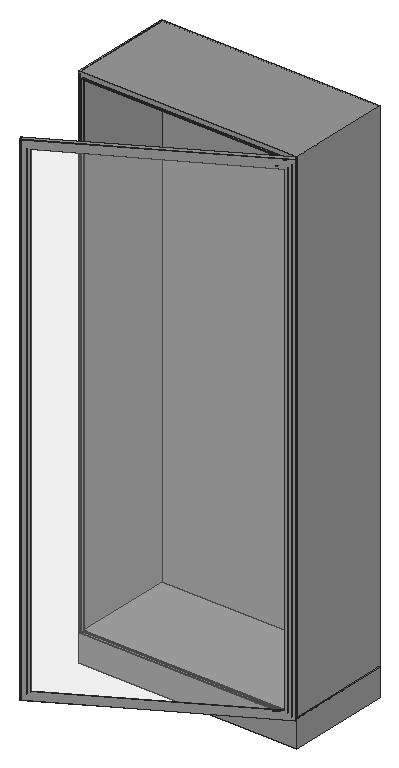
Revit family "Hager-Univers-IP55-D400-H1950-Cl.I-Steel_encl-NoHosted-PL-pl", category Electrical Equipment, Revit 2020
Family settings
  Panel Configuration = Two Columns, Circuits Across
  Round Connector Dimension = Use Diameter
  Part Type = Panelboard
  Work Plane-Based = Yes
  Always vertical = Yes
  Cut with Voids When Loaded = No
  Shared = No
  Room Calculation Point = No
Parameters (values of type "Montaż podłogowy IP55 S800 W1950 G400  - FR23V1")
  Width Control [instance] = if([EF000008 - Szerokość] > Min Width, [EF000008 - Szerokość], Min Width)  # 800 mm
  Type Comments = [HG000003 - Zakres]  # "Univers"
  Thickness Door [instance] = if([EF009171 - Drzwi/pokrywa z materiału o wysokiej wytrzymałości mechanicznej] > 3 mm, 3 mm, [EF009171 - Drzwi/pokrywa z materiału o wysokiej wytrzymałości mechanicznej])  # 1.5 mm
  Seal Frame Offset [instance] = 17 mm  # constant formula
  Plinth Visibility [instance] = [HG000027 - Wysokość cokołu] > 0 mm  # yes
  Min Width [instance] = 100 mm  # constant formula
  Min Depth [instance] = (2 * [EF009170 - Obudowa z materiału o wysokiej wytrzymałości mechanicznej]) + 1 mm  # 4 mm
  Min Height [instance] = 100 mm  # constant formula
  Internal Frame Depth [instance] = (Door System Depth * 0.5)  # 9 mm
  Panel Name [instance] = ""  # (empty or 0)
  Model = ""
  HG000027 - Wysokość cokołu = 100 mm
  HG000026 - Stojąca = yes
  HG000024 - Wysokość części dolnej = 600 mm
  HG000023 - Obudowa dwusekcyjna = no
  HG000016 - Widoczność drzwi w widoku 3D [instance] = yes
  HG000015 - Przestrzeń robocza - otwarcie drzwi [instance] = no
  HG000014 - Drzwi prawe [instance] = yes
  HG000013 - Drzwi lewe [instance] = not([HG000014 - Drzwi prawe])  # no
  HG000012 - Kąt otwarcia drzwi [instance] = 30.00°
  HG000010 - Drzwi asymetryczne = no
  HG000009 - Drzwi dwuskrzydłowe = no
  HG000006 - Montaż podtynkowy = no
  HG000004 - Referencja producenta = "FR23V1"
  HG000003 - Zakres = "Univers"
  HG000002 - Z drzwiami lub pokrywą = yes
  Frame Offset Bottom [instance] = 10 mm  # constant formula
  Frame Offset [instance] = 15 mm  # constant formula
  EF015940 - Pokrywa z wyzwalaczem nadciśnieniowym = no
  EF011959 - Stopień ochrony (NEMA) = ""
  EF009554 - Liczba otworów pod flansze = 6
  EF009212 - Wykonanie pokrywy = "EV000116 - Zamknięty"
  EF009171 - Drzwi/pokrywa z materiału o wysokiej wytrzymałości mechanicznej = 1.5 mm
  EF009170 - Obudowa z materiału o wysokiej wytrzymałości mechanicznej = 1.5 mm
  EF008873 - Prąd znamionowy (In) = 800 A
  EF007800 - Do ochrony odgromowej = no
  EF006306 - Z zamkiem = no
  EF006244 - Transparentna pokrywa/drzwi = yes
  EF005474 - Stopień ochrony (IP) = "EV006420 - IP55"
  EF004464 - Rodzaj drzwi = "EV002646 - Pojedynczy"
  EF004427 - Liczba modułów = 432
  EF004293 - Odporność udarowa = "EV008784 - IK10"
  EF003532 - Do zastosowań zewnętrznych = no
  EF002950 - Szerokość wyrażona liczbą modułów = 24
  EF001613 - Podtrzymanie funkcji = "EV000494 - Brak"
  EF001596 - Materiał obudowy = "EV000179 - Stal"
  EF001131 - Głębokość wewnętrzna = 400 mm
  EF001088 - Możliwość rozbudowy = yes
  EF000437 - Liczba wejść kablowych = 6
  EF000339 - Rodzaj pokrywy = "EV004216 - Drzwi"
  EF000266 - Liczba rzędów = 12
  EF000218 - Głębokość wbudowania = 0 mm
  EF000118 - Z płytą montażową = no
  EF000116 - Numer RAL = "7035"
  EF000049 - Głębokość = 400 mm
  EF000040 - Wysokość = 1950 mm
  EF000008 - Szerokość = 800 mm
  EF000007 - Kolor = "EV000270 - Szary"
  EF000003 - Sposób montażu = "EV012274 - Montaż podłogowy"
  Door System Leaf Tolerance [instance] = 1.5 mm  # constant formula
  Door System Depth [instance] = 18 mm  # constant formula
  Door Height [instance] = Height Control - [HG000027 - Wysokość cokołu]  # 1850 mm
  Description = ""
  Default Elevation = 1219.2 mm
  Connector Offset [instance] = Height Control / 2  # 975 mm
  Manufacturer = "Hager"  # constant formula
  Height Control [instance] = if([EF000040 - Wysokość] > Min Height, [EF000040 - Wysokość], Min Height)  # 1950 mm
  Depth Control [instance] = if([EF000049 - Głębokość] > Min Depth, [EF000049 - Głębokość], Min Depth)  # 400 mm
  Bottom Top Plate Trim [instance] = 1.5 mm  # constant formula
  Plinth height Ctrl [instance] = if([HG000027 - Wysokość cokołu] > 0 mm, [HG000027 - Wysokość cokołu], 12 mm)  # 100 mm
Types (11, lengths in mm): name | Width Control | HG000010 - Drzwi asymetryczne | HG000009 - Drzwi dwuskrzydłowe | HG000004 - Referencja producenta | EF009554 - Liczba otworów pod flansze | EF006244 - Transparentna pokrywa/drzwi | EF004464 - Rodzaj drzwi | EF004427 - Liczba modułów | EF000437 - Liczba wejść kablowych | EF000008 - Szerokość
  Montaż podłogowy IP55 S1050 W1950 G400  - FR24G1 | 1050 | yes | yes | "FR24G1" | 8 | no | "EV003602 - Podwójny" | 576 | 8 | 1050
  Montaż podłogowy IP55 S1050 W1950 G400  - FR24V1 | 1050 | yes | yes | "FR24V1" | 8 | yes | "EV003602 - Podwójny" | 576 | 8 | 1050
  Montaż podłogowy IP55 S1300 W1950 G400  - FR25G1 | 1300 | yes | yes | "FR25G1" | 10 | no | "EV003602 - Podwójny" | 720 | 10 | 1300
  Montaż podłogowy IP55 S1300 W1950 G400  - FR25V1 | 1300 | yes | yes | "FR25V1" | 10 | yes | "EV003602 - Podwójny" | 720 | 10 | 1300
  Montaż podłogowy IP55 S1550 W1950 G400  - FR26G1 | 1550 | yes | yes | "FR26G1" | 12 | no | "EV003602 - Podwójny" | 864 | 12 | 1550
  Montaż podłogowy IP55 S1550 W1950 G400  - FR26V1 | 1550 | yes | yes | "FR26V1" | 12 | yes | "EV003602 - Podwójny" | 864 | 12 | 1550
  Montaż podłogowy IP55 S300 W1950 G400  - FR21G1 | 300 | no | no | "FR21G1" | 2 | no | "EV002646 - Pojedynczy" | 144 | 2 | 300
  Montaż podłogowy IP55 S550 W1950 G400  - FR22G1 | 550 | no | no | "FR22G1" | 4 | no | "EV002646 - Pojedynczy" | 288 | 4 | 550
  Montaż podłogowy IP55 S550 W1950 G400  - FR22V1 | 550 | no | no | "FR22V1" | 4 | yes | "EV002646 - Pojedynczy" | 288 | 4 | 550
  Montaż podłogowy IP55 S800 W1950 G400  - FR23G1 | 800 | no | no | "FR23G1" | 6 | no | "EV002646 - Pojedynczy" | 432 | 6 | 800
  Montaż podłogowy IP55 S800 W1950 G400  - FR23V1 | 800 | no | no | "FR23V1" | 6 | yes | "EV002646 - Pojedynczy" | 432 | 6 | 800
Reference planes
  plane 1 "Center (Front/Back)": y = 0
  plane 2: z = 0
  plane 3 "Center (Left/Right)": x = 0
  plane 4: y = 0
  plane 5: y = 0
  plane 6: z = 0
  plane 7: x = -400
  plane 8: x = 400
  plane 9: x = 398.5
  plane 10: x = -398.5
  plane 11: z = 100
  plane 12: z = 101.5
  plane 13: y = -400
  plane 14: y = -1.5
  plane 15: x = 0
  plane 16: y = -382
  plane 17: y = -398.5
  plane 18: y = -380.5
  plane 19: x = -383.5
  plane 20: x = 383.5
  plane 21: z = 111.5
  plane 22: x = -383
  plane 23: x = 383
  plane 24: z = 100
  plane 25: z = 1950
  plane 26: z = 1950
  plane 27: z = 1933.5
  plane 28: z = 1948.5
Forms (mm)
  Extrusion 1, solid, material "Hager_Steel_RAL7035_Light_Grey", detail levels medium+fine
    sketch origin (-208.679, -4572, 100) x (-1, 0, 0) y (0, -1, 0)
      loop
        line (191.321, -4190) -> (-608.679, -4190) -> (-608.679, -4572) -> (191.321, -4572) -> (191.321, -4190)
    from 0 to 1850
  Extrusion 2, void
    sketch origin (-350.771, -400, 1219.2) x (1, 0, 0) y (0, 0, 1)
      loop
        line (-47.729, 729.3) -> (-47.729, -1117.7) -> (749.271, -1117.7) -> (749.271, 729.3) -> (-47.729, 729.3)
    from -19.5 to -398.5
  Extrusion 3, void
    sketch origin (-290.084, -382, 1219.2) x (1, 0, 0) y (0, 0, 1)
      loop
        line (-93.416, -1107.7) -> (673.584, -1107.7) -> (673.584, 714.3) -> (-93.416, 714.3) -> (-93.416, -1107.7)
    from 0 to -1.5
  Extrusion 4, solid, material "Hager_Steel_RAL7035_Light_Grey", visible <- "Plinth Visibility", detail levels medium+fine
    sketch origin (0, 0, 0) x (1, 0, 0) y (0, 1, 0)
      loop
        line (-400, 0) -> (-400, -382) -> (400, -382) -> (400, 0) -> (-400, 0)
    from 0 to 100 <- "Plinth height Ctrl"
  Extrusion 5, solid, material "Hager_Steel_RAL7035_Light_Grey", detail levels coarse
    sketch origin (0, 0, 0) x (1, 0, 0) y (0, 1, 0)
      loop
        line (-400, 0) -> (-400, -400) -> (400, -400) -> (400, 0) -> (-400, 0)
    from 0 to 1950 <- "Height Control"
  Sweep 6, void
    path in 3D
      loop
        line (-400, -382, 100) -> (400, -382, 100) -> (400, 0, 100) -> (-400, 0, 100) -> (-400, -382, 100)
    profile origin (-400, -191, 100) x (1, 0, 0) y (0, 0, 1)
      loop
        line (0, 0) -> (0, -1.5) -> (1.5, -1.5)
        arc (1.5, -1.5) -> (1.061, -0.439) -> (0, 0) r 1.5
  Extrusion 7, solid, material "Hager_Steel_RAL7035_Light_Grey", detail levels fine
    sketch origin (-400, -382, 100) x (1, 0, 0) y (0, 0, 1)
      loop
        line (16.5, 11.5) -> (783.5, 11.5) -> (783.5, 1833.5) -> (16.5, 1833.5) -> (16.5, 11.5)
      loop
        line (15, 10) -> (785, 10) -> (785, 1835) -> (15, 1835) -> (15, 10)
    from 0 to 9 <- "Internal Frame Depth"
Cuts and joins
  Extrusion 2, Extrusion 3 cuts Extrusion 1
  Sweep 6 cuts Extrusion 4
Lines and regions (mm)
  Masking region 1
    outline origin (0, 0, 0) x (1, 0, 0) y (0, 1, 0)
      loop
        line (-400, 0) -> (-400, -400) -> (400, -400) -> (400, 0) -> (-400, 0)
  Masking region 2, detail levels coarse
    outline origin (-290.084, -382, 1219.2) x (-1, 0, 0) y (0, 0, 1)
      loop
        line (-690.084, -1219.2) -> (109.916, -1219.2) -> (109.916, 730.8) -> (-690.084, 730.8) -> (-690.084, -1219.2)
  Masking region 3, detail levels coarse
    outline origin (0, 0, 0) x (0, 1, 0) y (0, 0, 1)
      loop
        line (0, 0) -> (0, 1950) -> (-400, 1950) -> (-400, 0) -> (0, 0)
  Masking region 4, visible <- "Plinth Visibility", detail levels medium+fine
    outline origin (0, 0, 0) x (0, 1, 0) y (0, 0, 1)
      loop
        line (-1.5, 100) -> (-380.5, 100)
        arc (-380.5, 100) -> (-380.939, 98.939) -> (-382, 98.5) r 1.5
        line (-382, 98.5) -> (-382, 0) -> (0, 0) -> (0, 98.5)
        arc (0, 98.5) -> (-1.061, 98.939) -> (-1.5, 100) r 1.5
  Masking region 5, detail levels medium+fine
    outline origin (0, 0, 594.038) x (0, 1, 0) y (0, 0, 1)
      loop
        line (0, -494.038) -> (0, 1355.962) -> (-382, 1355.962) -> (-382, -494.038) -> (0, -494.038)
  Masking region 6, detail levels medium+fine
    outline origin (-359.7, -382, 1211.883) x (-1, 0, 0) y (0, 0, 1)
      loop
        line (-759.7, -1111.883) -> (40.3, -1111.883) -> (40.3, 738.117) -> (-759.7, 738.117) -> (-759.7, -1111.883)
  Masking region 7, visible <- "Plinth Visibility", detail levels medium+fine
    outline origin (-320.334, -382, 1041.368) x (-1, 0, 0) y (0, 0, 1)
      loop
        line (-720.334, -1041.368) -> (79.666, -1041.368) -> (79.666, -942.868)
        arc (79.666, -942.868) -> (78.606, -942.429) -> (78.166, -941.368) r 1.5
        line (78.166, -941.368) -> (-718.834, -941.368)
        arc (-718.834, -941.368) -> (-719.273, -942.429) -> (-720.334, -942.868) r 1.5
        line (-720.334, -942.868) -> (-720.334, -1041.368)
  sketch lines
    curve 1: line (-400, 0, 100) -> (-400, -382, 100)
    curve 2: line (-400, -382, 100) -> (400, -382, 100)
    curve 3: line (400, 0, 100) -> (-400, 0, 100)
    curve 4: line (400, -382, 100) -> (400, 0, 100)
Dimensions and locks
  locked: plane 1 "Center (Front/Back)" to plane 5
  "EF009170 - Obudowa z materiału o wysokiej wytrzymałości mechanicznej": plane 7 to plane 10
  "EF009170 - Obudowa z materiału o wysokiej wytrzymałości mechanicznej": plane 8 to plane 9
  equal spacing: plane 7, plane 3 "Center (Left/Right)", plane 8
  "Width Control": plane 7 to plane 8
  "Depth Control": plane 4 to plane 13
  "EF009170 - Obudowa z materiału o wysokiej wytrzymałości mechanicznej": plane 4 to plane 14
  "Height Control": plane 25 to level
  "HG000027 - Wysokość cokołu": plane 11 to level
  "EF009170 - Obudowa z materiału o wysokiej wytrzymałości mechanicznej": plane 12 to plane 11
  "EF009170 - Obudowa z materiału o wysokiej wytrzymałości mechanicznej": plane 17 to plane 13
  "EF009170 - Obudowa z materiału o wysokiej wytrzymałości mechanicznej": plane 18 to plane 16
  "Frame Offset Bottom": plane 21 to plane 12
  "Frame Offset": plane 10 to plane 19
  "Frame Offset": plane 9 to plane 20
  "Door System Depth": plane 16 to plane 13
  "Seal Frame Offset": plane 7 to plane 22
  "Seal Frame Offset": plane 8 to plane 23
  "EF009170 - Obudowa z materiału o wysokiej wytrzymałości mechanicznej": plane 26 to plane 28
  "Frame Offset": plane 28 to plane 27
  "Connector Offset": plane 2 to connector elem
  "Bottom Top Plate Trim": profile plane to Sweep 6 sketch curve
  "Bottom Top Plate Trim": Sweep 6 sketch curve to Sweep 6 sketch curve
  "Plinth height Ctrl": Masking region 4 sketch curve to level
  "Plinth height Ctrl": Masking region 7 sketch curve to level
  "Thickness Door": Extrusion 7 sketch curve to Extrusion 7 sketch curve  (x4)
  "Bottom Top Plate Trim": radius of Sweep 6 sketch curve
  "Bottom Top Plate Trim": radius of Masking region 4 sketch curve  (x2)
  "Bottom Top Plate Trim": radius of Masking region 7 sketch curve  (x2)
  aligned and locked: Extrusion 2 sketch curve to plane 12
  aligned and locked: Extrusion 2 sketch curve to plane 9
  aligned and locked: Extrusion 2 sketch curve to plane 10
  aligned and locked: Extrusion 2 to plane 14
  aligned and locked: Extrusion 1 sketch curve to plane 4
  aligned and locked: plane 8 to Extrusion 1 sketch curve
  aligned and locked: plane 7 to Extrusion 1 sketch curve
  aligned and locked: Extrusion 2 to plane 18
  aligned and locked: Extrusion 3 sketch curve to plane 19
  aligned and locked: plane 20 to Extrusion 3 sketch curve
  aligned and locked: Extrusion 3 to Extrusion 2
  aligned and locked: Extrusion 3 sketch curve to plane 21
  aligned and locked: plane 3 "Center (Left/Right)" to nested 1
  aligned and locked: Extrusion 1 sketch curve to plane 16
  aligned and locked: Extrusion 4 sketch curve to cut or joined group of Extrusion 1, Extrusion 2, Extrusion 3
  aligned and locked: Masking region 1 sketch curve to plane 7
  aligned and locked: Masking region 1 sketch curve to plane 5
  aligned and locked: Masking region 1 sketch curve to plane 8
  aligned and locked: Masking region 2 sketch curve to level
  aligned and locked: level to Masking region 3 sketch curve
  aligned and locked: plane 1 "Center (Front/Back)" to Masking region 3 sketch curve
  aligned and locked: plane 13 to Masking region 3 sketch curve
  aligned and locked: plane 5 to Masking region 4 sketch curve
  aligned and locked: Masking region 2 sketch curve to plane 8
  aligned and locked: Masking region 2 sketch curve to plane 7
  aligned and locked: plane 7 to nested 2
  aligned and locked: nested 2 to plane 5
  aligned and locked: plane 5 to Masking region 5 sketch curve
  aligned and locked: plane 26 to Masking region 5 sketch curve
  aligned and locked: Extrusion 5 sketch curve to plane 8
  aligned and locked: Extrusion 5 sketch curve to plane 7
  aligned and locked: Extrusion 5 sketch curve to plane 5
  aligned and locked: Extrusion 3 sketch curve to plane 27
  aligned and locked: Extrusion 2 sketch curve to plane 28
  aligned and locked: Masking region 2 to plane 25
  aligned and locked: Extrusion 4 to plane 16
  aligned and locked: profile plane to Sweep 6 sketch curve
  aligned and locked: Masking region 5 sketch curve to plane 24
  aligned and locked: level to Masking region 4 sketch curve
  aligned and locked: Masking region 1 to plane 13
  aligned and locked: nested 1 to plane 16
  aligned and locked: Masking region 3 to plane 25
  aligned and locked: plane 16 to Masking region 4 sketch curve
  aligned and locked: Masking region 5 sketch curve to plane 16
  aligned and locked: plane 24 to plane 11
  aligned and locked: plane 26 to plane 25
  aligned and locked: plane 26 to cut or joined group of Extrusion 1, Extrusion 2, Extrusion 3
  aligned and locked: nested 1 to plane 24
  aligned and locked: Extrusion 1 to Extrusion 3
  aligned and locked: Masking region 6 sketch curve to plane 8
  aligned and locked: Masking region 6 sketch curve to plane 24
  aligned and locked: Masking region 6 sketch curve to plane 7
  aligned and locked: Masking region 6 sketch curve to plane 26
  aligned and locked: Masking region 7 sketch curve to plane 7
  aligned and locked: level to Masking region 7 sketch curve
  aligned and locked: Masking region 7 sketch curve to plane 8
  aligned and locked: Extrusion 7 sketch curve to cut or joined group of Extrusion 1, Extrusion 2, Extrusion 3  (x4)
Automatic sketch dimensions
  plane 19 to Extrusion 3 sketch curve = 0 mm
  Extrusion 3 sketch curve to plane 20 = 0 mm
  Extrusion 3 sketch curve to plane 21 = 0 mm
  Extrusion 4 sketch curve to plane 7 = 0 mm
  Extrusion 4 sketch curve to plane 8 = 0 mm
  Extrusion 4 sketch curve to plane 16 = 0 mm
  Masking region 1 sketch curve to plane 13 = 0 mm
  Masking region 2 sketch curve to plane 25 = 0 mm
  Masking region 3 sketch curve to plane 25 = 0 mm
  Extrusion 5 sketch curve to plane 13 = 0 mm
  profile plane to Sweep 6 sketch curve = 0 mm
Nested families
  nested 1: "EC000058_Univers_Door" at (0, -382, 100), Double <- "HG000009 - Drzwi dwuskrzydłowe", Transparent <- "EF006244 - Transparentna pokrywa/drzwi", Angle <- "HG000012 - Kąt otwarcia drzwi", Door_Right <- "HG000014 - Drzwi prawe", Assymetrical <- "HG000010 - Drzwi asymetryczne", Door <- "HG000002 - Z drzwiami lub pokrywą", Width_Ctrl <- "Width Control", 3d_Door <- "HG000016 - Widoczność drzwi w widoku 3D", Clearance <- "HG000015 - Przestrzeń robocza - otwarcie drzwi", Door_Left <- "HG000013 - Drzwi lewe", Width <- "Width Control", Door_Depth <- "Door System Depth", Leaf_Tolerance <- "Door System Leaf Tolerance", Height <- "Door Height", Lock_Visibility <- "EF006306 - Z zamkiem", Thickness <- "Thickness Door", type "EC000058_Univers_Door", detail levels medium+fine
    with min_wh 4 mm, Width_Ctrl 800 mm, Width 800 mm, Transparent yes, Thickness 1.5 mm, Seal_Material Hager_Rubber, Lock_Visibility no, Lock_Material Hager_Plastic_RAL9005_Jet_Black, Leaf_Width 800 mm, Leaf_Tolerance_External_Sides 0 mm, Leaf_Tolerance 1.5 mm, Leaf_Offset 0 mm, Leaf_Height 1847 mm, Leaf_2_Width 800 mm, Leaf_2_Offset 400 mm, Leaf_1_Width 800 mm, Leaf_1_Offset 400 mm, Height_Ctrl 1850 mm, Height 1850 mm, Glass_Material Hager_Glass, Double_Clearance_Ctrl no, Double no, Door_Right_Ctrl yes, Door_Right yes, Door_Material Hager_Steel_RAL7035_Light_Grey, Door_Left_Ctrl no, Door_Left no, Door_Depth 18 mm, Door yes, Clearance_Material Hager_Clearance, Clearance_Depth 800 mm, Clearance_Ctrl no, Clearance no, Assymetrical no, Angle 30.00°, 3d_Door yes
  nested 2: "Hager_Enclosure_Symbol" at (-400, 0, 0), Height <- "Depth Control", Width <- "Width Control", type "Hager_Enclosure_Symbol"
    with Width_Ctrl 800 mm, Width 800 mm, Height_Ctrl 400 mm, Height 400 mm, A_Width_Int 26.25 mm, A_Width 315 mm, A_Height_Ctrl 350 mm, A_Height 350 mm
Connectors
  electrical at (0, 0, 975)
    settings: on plane 1 "Center (Front/Back)", index 1, voltage 0 V, apparent load 0 VA, apparent load phase1 0 VA, apparent load phase2 0 VA, apparent load phase3 0 VA, power factor 1, load classification "Other", number of poles 1, system type 30, power factor state 1, is connector primary yes, connector utility no, sub classification motor no, connector description ""
Definition of nested family "EC000058_Univers_Door"
  Parameters (values of type "EC000058_Univers_Door")
    min_wh [instance] = (2 * Thickness) + 1 mm  # 11 mm
    Width_Ctrl [instance] = 400 mm
    Width [instance] = 500 mm
    Transparent [instance] = yes
    Thickness [instance] = 5 mm
    Seal_Material [instance] = none
    Lock_Visibility [instance] = yes
    Lock_Material [instance] = none
    Leaf_Width [instance] = if((Width_Ctrl - 2 * Leaf_Tolerance_External_Sides) > 0 mm, (Width_Ctrl - 2 * Leaf_Tolerance_External_Sides), min_wh)  # 400 mm
    Leaf_Tolerance_External_Sides [instance] = 0 mm  # constant formula
    Leaf_Tolerance [instance] = 1.5 mm
    Leaf_Offset [instance] = 0 mm  # constant formula
    Leaf_Height [instance] = if((Height_Ctrl - 2 * Leaf_Tolerance) > 0 mm, (Height_Ctrl - 2 * Leaf_Tolerance), min_wh)  # 497 mm
    Leaf_2_Width [instance] = if(and(and(Double, Assymetrical), Door_Left), (Leaf_Width / 3) - (Leaf_Tolerance / 2), if(and(and(Double, Assymetrical), Door_Right), (Leaf_Width / 3) * 2 - (Leaf_Tolerance / 2), if(and(Double, not(Assymetrical)), (Leaf_Width / 2) - Leaf_Tolerance, Leaf_Width)))  # 400 mm
    Leaf_2_Offset [instance] = if(and(Double, Assymetrical), Leaf_2_Width / 2, if(and(Double, not(Assymetrical)), Leaf_Width / 4, Leaf_Width / 2))  # 200 mm
    Leaf_1_Width [instance] = if(and(and(Double, Assymetrical), Door_Right), (Leaf_Width / 3) - (Leaf_Tolerance / 2), if(and(and(Double, Assymetrical), Door_Left), (Width / 3) * 2 - (Leaf_Tolerance / 2), if(and(Double, not(Assymetrical)), (Leaf_Width / 2) - Leaf_Tolerance, Leaf_Width)))  # 400 mm
    Leaf_1_Offset [instance] = if(and(Double, Assymetrical), Leaf_1_Width / 2, if(and(Double, not(Assymetrical)), Leaf_Width / 4, Leaf_Width / 2))  # 200 mm
    Height_Ctrl [instance] = if(Height > min_wh, Height, min_wh)  # 500 mm
    Height [instance] = 500 mm
    Glass_Material [instance] = none
    Double_Clearance_Ctrl [instance] = and(Double, Clearance)  # no
    Double [instance] = no
    Door_Right_Ctrl [instance] = and(or(Door_Right, Double), Door)  # yes
    Door_Right [instance] = yes
    Door_Material [instance] = none
    Door_Left_Ctrl [instance] = and(or(Door_Left, Double), Door)  # no
    Door_Left [instance] = no
    Door_Depth [instance] = 30 mm
    Door [instance] = yes
    Default Elevation = 1219.2 mm
    Clearance_Material [instance] = none
    Clearance_Depth [instance] = if(Leaf_1_Width > Leaf_2_Width, Leaf_1_Width, Leaf_2_Width)  # 400 mm
    Clearance_Ctrl [instance] = and(not(Double), Clearance)  # yes
    Clearance [instance] = yes
    Assymetrical [instance] = yes
    Angle [instance] = 30.00°
    3d_Door [instance] = yes
  Reference planes
    plane 1 "Center (Front/Back)": y = 0
    plane 2 "Bottom": z = 0
    plane 3 "Center (Left/Right)": x = 0
    plane 4: z = 500
    plane 5: x = -200
    plane 6: x = 200
    plane 7: z = 500
    plane 8: x = -200
    plane 9: z = 0
    plane 10: x = 200
    plane 11: y = 0
    plane 12: z = 1.5
    plane 13: x = -600
    plane 14: y = -400
    plane 15: x = 600
    plane 16: x = 0
    plane 17: x = 0
    plane 18: x = -200
    plane 19: x = 200
    plane 20: z = 498.5
  Forms (mm)
    Extrusion 1, solid, material <- "Clearance_Material", visible <- "Double_Clearance_Ctrl"
      sketch origin (1200, 0, 0) x (1, 0, 0) y (0, 0, -1)
        loop
          line (-1800, -498.5) -> (-600, -498.5) -> (-600, 0) -> (-1800, 0) -> (-1800, -498.5)
      from 0 to -400
  Dimensions and locks
    equal spacing: plane 5, plane 3 "Center (Left/Right)", plane 6
    "Width_Ctrl": plane 5 to plane 6
    "Leaf_Offset": plane 5 to plane 8
    "Leaf_Offset": plane 6 to plane 10
    "Leaf_Offset": plane 9 to level
    "Leaf_Offset": plane 4 to plane 7
    "Height_Ctrl": plane 4 to level
    "Leaf_Tolerance": plane 12 to plane 9
    locked: plane 11 to plane 1 "Center (Front/Back)"
    "Leaf_1_Offset": plane 18 to plane 16
    "Leaf_2_Offset": plane 17 to plane 19
    "Leaf_1_Width": plane 13 to plane 8
    "Leaf_2_Width": plane 10 to plane 15
    "Clearance_Depth": plane 14 to plane 1 "Center (Front/Back)"
    "Leaf_Tolerance_External_Sides": plane 8 to plane 18
    "Leaf_Tolerance_External_Sides": plane 19 to plane 10
    "Leaf_Tolerance": plane 7 to plane 20
    aligned and locked: level to plane 2 "Bottom"
    aligned and locked: nested 1 to plane 16
    aligned and locked: nested 2 to plane 17
    aligned and locked: Extrusion 1 to plane 13
    aligned and locked: plane 15 to Extrusion 1
    aligned and locked: Extrusion 1 to plane 14
    aligned and locked: plane 12 to nested 1
    aligned and locked: nested 2 to plane 12
    aligned and locked: Extrusion 1 to plane 11
    aligned and locked: plane 20 to Extrusion 1
    aligned and locked: nested 2 to plane 11
    aligned and locked: nested 1 to plane 11
  Automatic sketch dimensions
    Extrusion 1 sketch curve to level = 0 mm
    plane 5 to Extrusion 1 sketch curve = 400 mm
    plane 6 to Extrusion 1 sketch curve = 400 mm
    Extrusion 1 sketch curve to plane 4 = 1.5 mm
  Nested families
    nested 1: "EC000058_Univers_Door_Leaf" at (0, 0, 1.5), Width <- "Leaf_1_Width", visible <- "Door_Left_Ctrl", Leaf_Height <- "Leaf_Height", Angle <- "Angle", 3d_Door <- "3d_Door", Transparent <- "Transparent", Clearance Material <- "Clearance_Material", Clearance <- "Clearance_Ctrl", Door_Material <- "Door_Material", Glass_Material <- "Glass_Material", Door_Depth <- "Door_Depth", Lock_Material <- "Lock_Material", Seal_Material <- "Seal_Material", Lock_Visibility <- "Lock_Visibility", Thickness <- "Thickness", type "EC000058_Univers_Door_Leaf"
      with Width 400 mm, Transparent_Glass_Offset 30 mm, Transparent_Ctrl yes, Transparent yes, Thickness 5 mm, Standard no, Seal_Material none, Seal_D2 8 mm, Seal_D1 1 mm, Offset_Internal_Frame 10 mm, Lock_Width 20 mm, Lock_Visibility_3d yes, Lock_Visibility yes, Lock_Thickness_3 3 mm, Lock_Thickness_2 1 mm, Lock_Thickness_1 3 mm, Lock_Radius_Offset_2 16 mm, Lock_Radius_Offset_1 15 mm, Lock_Radius_2 5 mm, Lock_Radius 6 mm, Lock_Offset 5 mm, Lock_Material none, Lock_Height 80 mm, Lock_Cover_Top_Offset_2d 17 mm, Lock_Cover_Height -65 mm, Leaf_Height 497 mm, Internal_Seal_Thickness 8 mm, Internal_Seal_Depth_2 4.5 mm, Internal_Frame_Depth 25 mm, Glass_Thickness -1 mm, Glass_Offset -2 mm, Glass_Material none, Door_Material none, Door_Depth 30 mm, Clearance Material none, Clearance yes, Angle_Ctrl 30.00°, Angle 30.00°, 3d_Door yes
    nested 2: "EC000058_Univers_Door_Leaf" at (0, 0, 1.5) x (-1, 0, 0) z (0, 0, 1), Width <- "Leaf_2_Width", visible <- "Door_Right_Ctrl", Leaf_Height <- "Leaf_Height", Angle <- "Angle", 3d_Door <- "3d_Door", Transparent <- "Transparent", Clearance Material <- "Clearance_Material", Clearance <- "Clearance_Ctrl", Door_Material <- "Door_Material", Glass_Material <- "Glass_Material", Door_Depth <- "Door_Depth", Lock_Material <- "Lock_Material", Seal_Material <- "Seal_Material", Lock_Visibility <- "Lock_Visibility", Thickness <- "Thickness", type "EC000058_Univers_Door_Leaf"
      with Width 400 mm, Transparent_Glass_Offset 30 mm, Transparent_Ctrl yes, Transparent yes, Thickness 5 mm, Standard no, Seal_Material none, Seal_D2 8 mm, Seal_D1 1 mm, Offset_Internal_Frame 10 mm, Lock_Width 20 mm, Lock_Visibility_3d yes, Lock_Visibility yes, Lock_Thickness_3 3 mm, Lock_Thickness_2 1 mm, Lock_Thickness_1 3 mm, Lock_Radius_Offset_2 16 mm, Lock_Radius_Offset_1 15 mm, Lock_Radius_2 5 mm, Lock_Radius 6 mm, Lock_Offset 5 mm, Lock_Material none, Lock_Height 80 mm, Lock_Cover_Top_Offset_2d 17 mm, Lock_Cover_Height -65 mm, Leaf_Height 497 mm, Internal_Seal_Thickness 8 mm, Internal_Seal_Depth_2 4.5 mm, Internal_Frame_Depth 25 mm, Glass_Thickness -1 mm, Glass_Offset -2 mm, Glass_Material none, Door_Material none, Door_Depth 30 mm, Clearance Material none, Clearance yes, Angle_Ctrl 30.00°, Angle 30.00°, 3d_Door yes
  Definition of nested family "EC000058_Univers_Door_Leaf"
    Parameters (values of type "EC000058_Univers_Door_Leaf")
      Width [instance] = 2000 mm
      Transparent_Glass_Offset [instance] = 30 mm
      Transparent_Ctrl [instance] = and(Transparent, [3d_Door])  # yes
      Transparent [instance] = yes
      Thickness [instance] = 5 mm
      Standard [instance] = and(not(Transparent), [3d_Door])  # no
      Seal_Material [instance] = none
      Seal_D2 [instance] = 8 mm  # constant formula
      Seal_D1 [instance] = 1 mm  # constant formula
      Offset_Internal_Frame [instance] = 10 mm  # constant formula
      Lock_Width [instance] = 20 mm  # constant formula
      Lock_Visibility_3d [instance] = and(Lock_Visibility, [3d_Door])  # yes
      Lock_Visibility [instance] = yes
      Lock_Thickness_3 [instance] = 3 mm  # constant formula
      Lock_Thickness_2 [instance] = 1 mm  # constant formula
      Lock_Thickness_1 [instance] = 3 mm  # constant formula
      Lock_Radius_Offset_2 [instance] = Lock_Radius_Offset_1 + 1 mm  # 16 mm
      Lock_Radius_Offset_1 [instance] = 15 mm  # constant formula
      Lock_Radius_2 [instance] = Lock_Radius - 1 mm  # 5 mm
      Lock_Radius [instance] = 6 mm  # constant formula
      Lock_Offset [instance] = 5 mm  # constant formula
      Lock_Material [instance] = none
      Lock_Height [instance] = 80 mm  # constant formula
      Lock_Cover_Top_Offset_2d [instance] = Lock_Radius_Offset_2 + 1 mm  # 17 mm
      Lock_Cover_Height [instance] = -(Lock_Height - Lock_Radius_Offset_1)  # -65 mm
      Leaf_Height [instance] = 2720.336 mm
      Internal_Seal_Thickness [instance] = 8 mm  # constant formula
      Internal_Seal_Depth_2 [instance] = 4.5 mm  # constant formula
      Internal_Frame_Depth [instance] = if(Door_Depth - Thickness > 5 mm, Door_Depth - Thickness, 5 mm)  # 25 mm
      Glass_Thickness [instance] = if(Thickness > 15 mm, Glass_Offset + 10 mm, -1 mm)  # -1 mm
      Glass_Offset [instance] = if(Thickness > 15 mm, -(Thickness + 10 mm) / 2, -2 mm)  # -2 mm
      Glass_Material [instance] = none
      Door_Material [instance] = none
      Door_Depth [instance] = 30 mm
      Default Elevation = 0 mm
      Clearance Material [instance] = none
      Clearance [instance] = yes
      Angle_Ctrl [instance] = if(Angle > 180.00°, 180.00°, Angle)  # 90.00°
      Angle [instance] = 90.00°
      3d_Door [instance] = yes
    Reference planes
      plane 1 "Center (Front/Back)": y = 0
      plane 2: z = 0
      plane 3 "Center (Left/Right)": x = 0
      plane 4: y = 2000
      plane 5: x = -1000
      plane 6: x = 1000
      plane 7: x = -3000
      plane 8: z = 2720.336
      plane 9: z = 30
      plane 10: z = 2690.336
      plane 11: x = 970
      plane 12: x = -970
      plane 13: y = -3
      plane 14: z = 107.833
      plane 15: y = -5
      plane 16: y = -223.314
      plane 17: x = -1000
      plane 18: z = 1360.168
      plane 19: y = 30
    Forms (mm)
      Extrusion 1, solid, material <- "Clearance Material", visible <- "Clearance"
        sketch origin (0, 0, 0) x (1, 0, 0) y (0, 0, 1)
          loop
            line (-3000, 2720.336) -> (-3000, 0) -> (1000, 0) -> (1000, 2720.336) -> (-3000, 2720.336)
        from 0 to -2000
      Extrusion 2, solid, material <- "Door_Material", visible <- "Standard", detail levels medium+fine
        sketch origin (-1000, 0, 0) x (0, 1, 0) y (-1, 0, 0)
          loop
            line (0, 30) -> (0, 25) -> (2000, 25) -> (2000, 30) -> (0, 30)
        from 0 to 2720.336 <- "Leaf_Height"
      Extrusion 3, solid, material <- "Door_Material", visible <- "Transparent_Ctrl", detail levels medium+fine
        sketch origin (-1000, 0, 0) x (0, 1, 0) y (-1, 0, 0)
          loop
            line (0, 25) -> (2000, 25) -> (2000, 30) -> (0, 30) -> (0, 25)
        from 0 to 2720.336 <- "Leaf_Height"
      Extrusion 4, void
        sketch origin (-1025, 2000, 0) x (0, 1, 0) y (0, 0, -1)
          loop
            line (-30, -2690.336) -> (-30, -30) -> (-1970, -30) -> (-1970, -2690.336) -> (-30, -2690.336)
        from 0 to 5 <- "Thickness"
      Sweep 5, solid, material <- "Seal_Material", visible <- "Transparent_Ctrl", detail levels fine
        path in 3D
          loop
            line (-1025, 30, 30) -> (-1025, 30, 2690.336) -> (-1025, 1970, 2690.336) -> (-1025, 1970, 30) -> (-1025, 30, 30)
        profile origin (-1025, 1000, 30) x (1, 0, 0) y (0, 0, 1)
          loop
            line (0, 0) -> (0, -8) -> (1, -8) -> (1, 0) -> (0, 0)
      Extrusion 6, solid, material <- "Glass_Material", visible <- "Transparent_Ctrl", detail levels medium+fine
        sketch origin (-1030, 0, 0) x (0, 1, 0) y (0, 0, -1)
          loop
            line (1970, -2690.336) -> (1970, -30) -> (30, -30) -> (30, -2690.336) -> (1970, -2690.336)
        from -2 <- "Glass_Offset" to -1 <- "Glass_Thickness"
      Extrusion 7, solid, material <- "Door_Material", visible <- "3d_Door", detail levels medium+fine
        sketch origin (-1025, 2000, 0) x (0, -1, 0) y (0, 0, -1)
          loop
            line (0, -2720.336) -> (2000, -2720.336) -> (2000, 0) -> (0, 0) -> (0, -2720.336)
          loop
            line (1995, -5) -> (5, -5) -> (5, -2715.336) -> (1995, -2715.336) -> (1995, -5)
        from 0 to 25 <- "Internal_Frame_Depth"
      Sweep 8, solid, material <- "Seal_Material", visible <- "Transparent_Ctrl", detail levels fine
        path in 3D
          loop
            line (-1025, 0, 0) -> (-1025, 2000, 0) -> (-1025, 2000, 2720.336) -> (-1025, 0, 2720.336) -> (-1025, 0, 0)
        profile origin (-1025, 0, 1360.168) x (1, 0, 0) y (0, 1, 0)
          loop
            line (0, 10) -> (2.975, 10)
            arc (2.975, 10) -> (4.053, 10.447) -> (4.5, 11.525) r 1.525
            line (4.5, 11.525) -> (4.5, 16.527)
            arc (4.5, 16.527) -> (4.069, 17.569) -> (3.027, 18) r 1.473
            line (3.027, 18) -> (0, 18) -> (0, 10)
      Extrusion 9, solid, material <- "Lock_Material", visible <- "Lock_Visibility_3d", detail levels fine
        sketch origin (-1030, 0, 0) x (0, 1, 0) y (0, 0, -1)
          loop
            arc (1993.5, -1400.168) -> (1994.561, -1399.729) -> (1995, -1398.668) r 1.5
            line (1995, -1398.668) -> (1995, -1320.168) -> (1975, -1320.168) -> (1975, -1398.668)
            arc (1975, -1398.668) -> (1975.439, -1399.729) -> (1976.5, -1400.168) r 1.5
            line (1976.5, -1400.168) -> (1993.5, -1400.168)
        from 3 <- "Lock_Thickness_1" to 0
      Blend 10, solid, material <- "Lock_Material", visible <- "Lock_Visibility_3d", detail levels fine
        base sketch origin (-1033, 0, 0) x (0, 1, 0) y (0, 0, -1)
          loop
            line (1975, -1320.168) -> (1975, -1398.668)
            arc (1975, -1398.668) -> (1975.439, -1399.729) -> (1976.5, -1400.168) r 1.5
            line (1976.5, -1400.168) -> (1993.5, -1400.168)
            arc (1993.5, -1400.168) -> (1994.561, -1399.729) -> (1995, -1398.668) r 1.5
            line (1995, -1398.668) -> (1995, -1320.168) -> (1975, -1320.168)
        top sketch origin (-1033, 0, 0) x (0, 1, 0) y (0, 0, -1)
          loop
            line (1976, -1320.168) -> (1976, -1398.668)
            arc (1976, -1398.668) -> (1976.146, -1399.022) -> (1976.5, -1399.168) r 0.5
            line (1976.5, -1399.168) -> (1993.5, -1399.168)
            arc (1993.5, -1399.168) -> (1993.854, -1399.022) -> (1994, -1398.668) r 0.5
            line (1994, -1398.668) -> (1994, -1320.168) -> (1976, -1320.168)
        from 0 to 1 <- "Lock_Thickness_2"
      Blend 11, solid, material <- "Lock_Material", visible <- "Lock_Visibility_3d", detail levels fine
        base sketch origin (-1034, 0, 0) x (0, 1, 0) y (0, 0, -1)
          loop
            line (1978, -1320.168) -> (1978, -1384.168)
            arc (1978, -1384.168) -> (1985, -1391.168) -> (1992, -1384.168) r 7
            line (1992, -1384.168) -> (1992, -1320.168) -> (1978, -1320.168)
        top sketch origin (-1034, 0, 0) x (0, 1, 0) y (0, 0, -1)
          loop
            line (1991, -1320.168) -> (1979, -1320.168) -> (1979, -1383.168)
            arc (1979, -1383.168) -> (1985, -1389.168) -> (1991, -1383.168) r 6
            line (1991, -1383.168) -> (1991, -1320.168)
        from 0 to 3 <- "Lock_Thickness_3"
      Extrusion 12, solid, material <- "Lock_Material", visible <- "Lock_Visibility_3d", detail levels fine
        sketch origin (-1030, 1975, 1320.168) x (1, 0, 0) y (0, -1, 0)
          loop
            line (-7, -19) -> (-7, -1) -> (0, -1) -> (0, 0) -> (-8, 0) -> (-8, -20) -> (0, -20) -> (0, -19) -> (-7, -19)
        from 0 to -65 <- "Lock_Cover_Height"
      Extrusion 13, void
        sketch origin (-1038, 1995, 1320.168) x (-1, 0, 0) y (0, 0, -1)
          loop
            line (-5, -65) -> (0, -65) -> (-5, -60) -> (-5, -65)
        from 0 to 20 <- "Lock_Width"
      Extrusion 14, void
        sketch origin (-1038, 1975, 1320.168) x (0, -1, 0) y (0, 0, -1)
          loop
            circle (-10, -15.995) r 6
          loop
            circle (-10, -15.995) r 5
        from 0 to 2
      Extrusion 15, solid, material <- "Lock_Material", visible <- "Lock_Visibility_3d", detail levels medium
        sketch origin (-1030, 0, 0) x (0, 1, 0) y (0, 0, -1)
          loop
            arc (1993.5, -1400.168) -> (1994.561, -1399.729) -> (1995, -1398.668) r 1.5
            line (1995, -1398.668) -> (1995, -1320.168) -> (1975, -1320.168) -> (1975, -1398.668)
            arc (1975, -1398.668) -> (1975.439, -1399.729) -> (1976.5, -1400.168) r 1.5
            line (1976.5, -1400.168) -> (1993.5, -1400.168)
        from 8 to 0
    Cuts and joins
      Extrusion 4 cuts Extrusion 3
      Extrusion 13, Extrusion 14 cuts Extrusion 9
      Extrusion 14 cuts Blend 11
      Extrusion 13, Extrusion 14 cuts Extrusion 12
      joined: Extrusion 9, Blend 10, Blend 11, Extrusion 12
      Extrusion 14 cuts Extrusion 15
    Lines and regions (mm)
      Masking region 1, visible <- "Lock_Visibility", detail levels fine
        outline origin (0, 0, 0) x (0, 1, 0) y (0, 0, 1)
          loop
            line (30, 1320.168) -> (33, 1320.168) -> (33, 1400.168) -> (30, 1400.168) -> (30, 1320.168)
      Masking region 2, visible <- "Lock_Visibility", detail levels fine
        outline origin (0, 3.143, 0) x (0, 1, 0) y (0, 0, 1)
          loop
            line (29.857, 1354.168) -> (30.857, 1354.168) -> (30.857, 1366.168) -> (29.857, 1366.168) -> (29.857, 1354.168)
      Masking region 3, detail levels medium+fine
        outline origin (0, 0, 0) x (0, 1, 0) y (0, 0, 1)
          loop
            line (0, 0) -> (30, 0) -> (30, 2720.336) -> (0, 2720.336) -> (0, 0)
      Masking region 4, detail levels medium+fine
        outline origin (0, 0, 0) x (1, 0, 0) y (0, 0, 1)
          loop
            line (-1000, 2720.336) -> (-1000, 0) -> (1000, 0) -> (1000, 2720.336) -> (-1000, 2720.336)
      Masking region 5, visible <- "Lock_Visibility", detail levels fine
        outline origin (-47.116, 0, 0) x (1, 0, 0) y (0, 0, 1)
          loop
            arc (1024.616, 1399.168) -> (1023.556, 1398.729) -> (1023.116, 1397.668) r 1.5
            line (1023.116, 1397.668) -> (1023.116, 1320.168) -> (1041.116, 1320.168) -> (1041.116, 1397.668)
            arc (1041.116, 1397.668) -> (1040.677, 1398.729) -> (1039.616, 1399.168) r 1.5
            line (1039.616, 1399.168) -> (1024.616, 1399.168)
      Masking region 6, visible <- "Lock_Visibility", detail levels medium+fine
        outline origin (-25, 0, 0) x (1, 0, 0) y (0, 0, 1)
          loop
            arc (1001.5, 1400.168) -> (1000.439, 1399.729) -> (1000, 1398.668) r 1.5
            line (1000, 1398.668) -> (1000, 1320.168) -> (1020, 1320.168) -> (1020, 1398.668)
            arc (1020, 1398.668) -> (1019.561, 1399.729) -> (1018.5, 1400.168) r 1.5
            line (1018.5, 1400.168) -> (1001.5, 1400.168)
      Masking region 7, visible <- "Lock_Visibility", detail levels fine
        outline origin (-73.735, 0, 0) x (1, 0, 0) y (0, 0, 1)
          loop
            line (1051.735, 1382.168) -> (1065.735, 1382.168) -> (1065.735, 1384.168)
            arc (1065.735, 1384.168) -> (1058.735, 1391.168) -> (1051.735, 1384.168) r 7
            line (1051.735, 1384.168) -> (1051.735, 1382.168)
      Masking region 8, visible <- "Lock_Visibility", detail levels fine
        outline origin (-73.735, 0, 0) x (1, 0, 0) y (0, 0, 1)
          loop
            line (1052.735, 1382.168) -> (1064.735, 1382.168) -> (1064.735, 1383.168)
            arc (1064.735, 1383.168) -> (1058.735, 1389.168) -> (1052.735, 1383.168) r 6
            line (1052.735, 1383.168) -> (1052.735, 1382.168)
      Masking region 9, visible <- "Lock_Visibility", detail levels fine
        outline origin (-25, 0, 0) x (1, 0, 0) y (0, 0, 1)
          loop
            line (1020, 1320.168) -> (1020, 1382.168) -> (1000, 1382.168) -> (1000, 1320.168) -> (1020, 1320.168)
      Masking region 10, detail levels medium+fine
        outline origin (0, 0, 0) x (1, 0, 0) y (0, 0, 1)
          loop
            circle (985, 1335.144) r 6
      Masking region 11, detail levels fine
        outline origin (0, 0, 0) x (1, 0, 0) y (0, 0, 1)
          loop
            circle (985, 1335.144) r 5
      Masking region 12, visible <- "Lock_Visibility", detail levels fine
        outline origin (0, 12.767, 0) x (0, 1, 0) y (0, 0, 1)
          loop
            line (20.233, 1320.168) -> (21.233, 1320.168) -> (21.233, 1399.168) -> (20.233, 1400.168) -> (20.233, 1320.168)
      Masking region 13, visible <- "Lock_Visibility", detail levels fine
        outline origin (0, 13.767, -10) x (0, 1, 0) y (0, 0, 1)
          loop
            line (20.233, 1330.168) -> (23.233, 1330.168) -> (23.233, 1399.168) -> (20.233, 1402.168) -> (20.233, 1330.168)
      Masking region 14, visible <- "Lock_Visibility", detail levels fine
        outline origin (0, 12.767, -10) x (0, 1, 0) y (0, 0, 1)
          loop
            line (20.233, 1330.168) -> (25.233, 1330.168) -> (25.233, 1399.305) -> (20.233, 1394.305) -> (20.233, 1330.168)
      Masking region 15, visible <- "Lock_Visibility", detail levels medium
        outline origin (0, 0, 0) x (0, 1, 0) y (0, 0, 1)
          loop
            line (30, 1320.168) -> (38, 1320.168) -> (38, 1400.168) -> (30, 1400.168) -> (30, 1320.168)
      Masking region 16, visible <- "Lock_Visibility", detail levels fine
        outline origin (-1000, 0, 0) x (0, 1, 0) y (-1, 0, 0)
          loop
            line (1975, 30) -> (1995, 30) -> (1995, 38) -> (1975, 38) -> (1975, 30)
          loop
            line (1979, 37) -> (1976, 37) -> (1976, 34) -> (1978, 34) -> (1979, 37)
          loop
            line (1994, 37) -> (1991, 37) -> (1992, 34) -> (1994, 34) -> (1994, 37)
      Masking region 17, visible <- "Lock_Visibility", detail levels medium
        outline origin (-1000, 0, 0) x (0, 1, 0) y (-1, 0, 0)
          loop
            line (1975, 30) -> (1995, 30) -> (1995, 38) -> (1975, 38) -> (1975, 30)
      symbolic lines
        curve 1: line (1000, 0, 0) -> (-3000, 0, 0)
        curve 2: arc (1000, 0, 0) -> (-1000, 2000, 0) -> (-3000, 0, 0) r 2000
        curve 4: line (-1030, 0, 0) -> (-1030, 2000, 0)
      reference lines
        curve 3: line (-1000, 0, 0) -> (-1000, 2000, 0)
      symbolic lines, detail levels medium+fine
        curve 5: line (-1030, 2000, 0) -> (-1025, 2000, 0)
        curve 7: line (-1025, 0, 0) -> (-1030, 0, 0)
        curve 8: line (-1025, 0, 0) -> (-1000, 0, 0)
        curve 9: line (-1000, 0, 0) -> (-1000, 2000, 0)
        curve 10: line (-1000, 2000, 0) -> (-1025, 2000, 0)
      symbolic lines, detail levels fine
        curve 6: line (-1025, 2000, 0) -> (-1025, 0, 0)
      sketch lines
        curve 11: line (-1025, 0, 2720.336) -> (-1025, 0, 0)
        curve 12: line (-1025, 2000, 0) -> (-1025, 0, 0)
        curve 13: line (-1025, 2000, 2720.336) -> (-1025, 2000, 0)
        curve 14: line (-1025, 0, 2720.336) -> (-1025, 2000, 2720.336)
        curve 15: line (-1025, 1970, 30) -> (-1025, 30, 30)
        curve 16: line (-1025, 30, 30) -> (-1025, 30, 2690.336)
        curve 17: line (-1025, 1970, 2690.336) -> (-1025, 1970, 30)
        curve 18: line (-1025, 30, 2690.336) -> (-1025, 1970, 2690.336)
      symbolic lines, visible <- "Transparent", detail levels medium+fine
        curve 19: line (-970, 0, 2690.336) -> (970, 0, 2690.336)
        curve 20: line (-970, 0, 30) -> (-970, 0, 2690.336)
        curve 21: line (970, 0, 30) -> (-970, 0, 30)
        curve 22: line (970, 0, 2690.336) -> (970, 0, 30)
    Dimensions and locks
      "Width": plane 1 "Center (Front/Back)" to plane 4
      equal spacing: plane 5, plane 3 "Center (Left/Right)", plane 6
      "Width": plane 5 to plane 6
      "Width": plane 7 to plane 5
      "Leaf_Height": plane 8 to level
      "Width": curve 5 to curve 3
      "Width": curve 3 to curve 3
      plane 8 to plane 10 = 30 mm
      plane 9 to level = 30 mm
      plane 12 to plane 5 = 30 mm
      plane 6 to plane 11 = 30 mm
      Extrusion 1 to Extrusion 4 sketch curve = 30 mm
      "Transparent_Glass_Offset": curve 3 to Extrusion 4 sketch curve
      "Transparent_Glass_Offset": Extrusion 4 sketch curve to cut or joined group of Extrusion 3, Extrusion 4  (x2)
      cut or joined group of Extrusion 3, Extrusion 4 to Extrusion 6 sketch curve = 30 mm
      "Transparent_Glass_Offset": cut or joined group of Extrusion 3, Extrusion 4 to Extrusion 4 sketch curve
      "Thickness": curve 6 to curve 4
      "Thickness": Extrusion 7 sketch curve to Extrusion 7 sketch curve  (x4)
      "Door_Depth": curve 4 to curve 3
      "Offset_Internal_Frame": profile plane to Sweep 8 sketch curve
      "Internal_Seal_Thickness": Sweep 8 sketch curve to Sweep 8 sketch curve
      "Internal_Seal_Depth_2": profile plane to Sweep 8 sketch curve
      "Seal_D1": profile plane to Sweep 5 sketch curve
      "Seal_D2": profile plane to Sweep 5 sketch curve
      "Thickness": Extrusion 2 sketch curve to Extrusion 2 sketch curve
      equal spacing: Extrusion 9 sketch curve, plane 18, Extrusion 9 sketch curve  (x2)
      equal spacing: Masking region 1 sketch curve, plane 18, Masking region 1 sketch curve
      "Lock_Height": Masking region 1 sketch curve to Masking region 1 sketch curve
      "Lock_Radius": Masking region 2 sketch curve to plane 18 to Masking region 2 sketch curve
      Masking region 2 sketch curve to Masking region 1 = 1 mm
      "Door_Depth": plane 19 to plane 1 "Center (Front/Back)"
      "Lock_Thickness_1": Masking region 1 sketch curve to plane 19
      "Lock_Width": Extrusion 9 sketch curve to Extrusion 9 sketch curve
      "Lock_Height": Extrusion 9 sketch curve to Extrusion 9 sketch curve
      "Lock_Offset": cut or joined group of Extrusion 3, Extrusion 4 to Extrusion 9 sketch curve
      equal spacing: plane 8, plane 18, level
      "Lock_Radius_Offset_1": Blend 11 sketch curve to Blend 10
      locked: Blend 10 to Blend 11 sketch curve at 2  (x2)
      locked: var sketch to Blend 11 sketch curve at 1  (x2)
      "Lock_Radius_Offset_2": Blend 11 sketch curve to Blend 10
      locked: Extrusion 12 sketch curve to Extrusion 12 sketch curve at 1  (x3)
      Masking region 6 sketch curve to Masking region 6 sketch curve = 80 mm
      "Lock_Height": Masking region 6 sketch curve to Masking region 6 sketch curve
      "Lock_Width": Masking region 6 sketch curve to Masking region 6 sketch curve
      locked: Masking region 6 to Masking region 5 sketch curve at 1  (x3)
      locked: Masking region 5 to Masking region 7 sketch curve at 2  (x2)
      "Lock_Radius_Offset_1": Masking region 5 to Masking region 7 sketch curve
      "Lock_Radius_Offset_2": Masking region 5 to Masking region 8 sketch curve
      locked: Masking region 7 to Masking region 8 sketch curve at 1  (x2)
      "Lock_Cover_Top_Offset_2d": Masking region 5 to Masking region 9 sketch curve
      equal spacing: Masking region 9, Masking region 10 sketch curve, Masking region 9
      equal spacing: Masking region 9, Masking region 11 sketch curve, Masking region 9
      Extrusion 15 sketch curve to Extrusion 15 sketch curve = 80 mm
      "Lock_Width": Extrusion 15 sketch curve to Extrusion 15 sketch curve
      "Lock_Height": Extrusion 15 sketch curve to Extrusion 15 sketch curve
      equal spacing: Extrusion 15 sketch curve, plane 18, Extrusion 15 sketch curve
      "Lock_Thickness_3": Masking region 13 sketch curve to Masking region 13 sketch curve
      "Lock_Height": Masking region 12 sketch curve to Masking region 12 sketch curve
      locked: Masking region 13 sketch curve to Masking region 1 at 8
      locked: Masking region 14 sketch curve to Masking region 13 at 1
      locked: Masking region 14 sketch curve to Masking region 1 at 10.863
      "Lock_Height": Masking region 15 sketch curve to Masking region 15 sketch curve
      "Lock_Offset": Extrusion 15 sketch curve to cut or joined group of Extrusion 3, Extrusion 4
      "Lock_Offset": plane 6 to Masking region 6 sketch curve
      radius of Sweep 8 sketch curve = 1.525 mm
      radius of Sweep 8 sketch curve = 1.473 mm
      radius of Extrusion 9 sketch curve = 1.5 mm  (x2)
      "Lock_Radius": radius of Extrusion 14 sketch curve
      "Lock_Radius_2": radius of Extrusion 14 sketch curve
      "Lock_Radius": radius of Masking region 10 sketch curve
      "Lock_Radius_2": radius of Masking region 11 sketch curve
      radius of Extrusion 15 sketch curve = 1.5 mm  (x2)
      "Angle_Ctrl": angle plane 1 "Center (Front/Back)" to curve 3
      locked: Masking region 12 sketch curve to Masking region 12 sketch curve (angle 45.00°)
      locked: Masking region 13 sketch curve to Masking region 13 sketch curve (angle 45.00°)
      locked: Masking region 14 sketch curve to Masking region 14 sketch curve (angle 45.00°)
      aligned and locked: level to plane 2
      aligned and locked: Extrusion 1 to curve 1
      aligned and locked: plane 6 to Extrusion 1
      aligned and locked: Extrusion 1 to plane 1 "Center (Front/Back)"
      aligned and locked: plane 4 to Extrusion 1
      aligned and locked: plane 8 to Extrusion 1
      aligned and locked: curve 7 to Extrusion 2 sketch curve
      aligned and locked: curve 5 to Extrusion 2 sketch curve
      aligned and locked: curve 7 to Extrusion 3 sketch curve
      aligned and locked: Extrusion 3 sketch curve to curve 4
      aligned and locked: Extrusion 3 sketch curve to curve 6
      aligned and locked: Extrusion 3 sketch curve to curve 5
      aligned and locked: curve 9 to curve 3
      aligned and locked: Extrusion 7 sketch curve to cut or joined group of Extrusion 3, Extrusion 4  (x4)
      aligned and locked: plane 17 to curve 3
      aligned and locked: plane 1 "Center (Front/Back)" to curve 3
      aligned and locked: plane 17 to plane 5
      aligned and locked: Sweep 8 sketch curve to profile plane
      aligned and locked: Sweep 5 sketch curve to profile plane  (x2)
      aligned and locked: Masking region 1 to Masking region 2 sketch curve
      aligned and locked: plane 19 to Masking region 1 sketch curve
      aligned and locked: plane 1 "Center (Front/Back)" to Masking region 3 sketch curve
      aligned and locked: plane 19 to Masking region 3 sketch curve
      aligned and locked: level to Masking region 3 sketch curve
      aligned and locked: Masking region 3 sketch curve to plane 8
      aligned and locked: plane 17 to Masking region 4 sketch curve
      aligned and locked: level to Masking region 4 sketch curve
      aligned and locked: Masking region 4 sketch curve to plane 8
      aligned and locked: plane 12 to curve 20
      aligned and locked: plane 10 to curve 19
      aligned and locked: plane 11 to curve 22
      aligned and locked: curve 21 to plane 9
      aligned and locked: Extrusion 2 sketch curve to cut or joined group of Extrusion 3, Extrusion 4
      aligned and locked: Blend 10 sketch curve to Extrusion 9  (x4)
      aligned and locked: Extrusion 9 to Blend 10 sketch curve
      aligned and locked: Blend 10 to Blend 11 sketch curve
      aligned and locked: Extrusion 12 sketch curve to Blend 11
      aligned and locked: Extrusion 12 sketch curve to Extrusion 9  (x4)
      aligned and locked: Masking region 5 sketch curve to Masking region 6
      aligned and locked: Masking region 9 sketch curve to Masking region 6  (x3)
      aligned and locked: Masking region 12 sketch curve to Masking region 1
      aligned and locked: Masking region 13 sketch curve to Masking region 1
      aligned and locked: Masking region 12 to Masking region 14
      aligned and locked: Masking region 14 sketch curve to Masking region 1
      aligned and locked: Masking region 15 sketch curve to Masking region 14
      aligned and locked: Masking region 13 sketch curve to Masking region 12
      aligned and locked: Masking region 16 sketch curve to cut or joined group of Extrusion 14, Extrusion 15  (x4)
      aligned and locked: Masking region 16 sketch curve to cut or joined group of Extrusion 9, Blend 10, Blend 11, Extrusion 12, Extrusion 13, Extrusion 14  (x6)
      aligned and locked: cut or joined group of Extrusion 9, Blend 10, Blend 11, Extrusion 12, Extrusion 13, Extrusion 14 to Masking region 16 sketch curve
      aligned and locked: Masking region 17 sketch curve to cut or joined group of Extrusion 14, Extrusion 15  (x3)
      aligned and locked: Masking region 17 sketch curve to cut or joined group of Extrusion 9, Blend 10, Blend 11, Extrusion 12, Extrusion 13, Extrusion 14
      aligned and locked: Masking region 9 to Masking region 8 sketch curve
      aligned and locked: Masking region 9 to Masking region 7 sketch curve
    Automatic sketch dimensions
      plane 1 "Center (Front/Back)" to curve 2 = 0 mm
      curve 2 to plane 5 = 0 mm
      Extrusion 1 sketch curve to level = 0 mm
      Extrusion 1 sketch curve to plane 7 = 0 mm
      Extrusion 1 sketch curve to plane 6 = 0 mm
      Extrusion 1 sketch curve to plane 8 = 0 mm
      Extrusion 3 to Extrusion 6 sketch curve = 30 mm  (x4)
      Masking region 4 sketch curve to plane 6 = 0 mm
      Blend 10 sketch curve to Extrusion 9 = 1.5 mm
      Blend 10 sketch curve to Extrusion 9 = 1 mm
      Extrusion 13 sketch curve to Extrusion 12 = 0 mm  (x2)
      Extrusion 12 to Extrusion 13 sketch curve = 3 mm
      Extrusion 13 sketch curve to Extrusion 12 = 5 mm
      Extrusion 14 sketch curve to Extrusion 14 sketch curve = 0 mm  (x2)
      Extrusion 14 sketch curve to Extrusion 12 = 10 mm
      Extrusion 14 sketch curve to Extrusion 12 = 15.995 mm
      Masking region 5 sketch curve to Masking region 5 sketch curve = 1.5 mm  (x2)
      Masking region 10 sketch curve to plane 18 = 25.024 mm
      Masking region 11 sketch curve to plane 18 = 25.024 mm
      plane 19 to Masking region 14 sketch curve = 3 mm
      Masking region 16 sketch curve to Masking region 16 sketch curve = 3 mm
      curve 4 to curve 3 = 0 mm
      Blend 10 to Blend 11 sketch curve = 0 mm
      Masking region 6 sketch curve to Masking region 6 sketch curve = 1.5 mm  (x2)
      Masking region 6 sketch curve to plane 18 = 40 mm
      plane 19 to Masking region 12 sketch curve = 3 mm
      Masking region 12 sketch curve to Masking region 12 sketch curve = 1 mm
      Masking region 15 sketch curve to plane 19 = 0 mm
      Masking region 15 sketch curve to plane 18 = 40 mm
      radius of Blend 10 sketch curve to Extrusion 9 = 1 mm
Definition of nested family "Hager_Enclosure_Symbol"
  Parameters (values of type "Hager_Enclosure_Symbol")
    Width_Ctrl [instance] = if(Width > 1 mm, Width, 1 mm)  # 102.27 mm
    Width [instance] = 102.27 mm
    Height_Ctrl [instance] = if(Height > 1 mm, Height, 1 mm)  # 66.5 mm
    A_Width_Int [instance] = if(A_Width / 12 > 2 mm, A_Width / 12, 2 mm)  # 4.364 mm
    A_Width [instance] = if(A_Height_Ctrl * 0.9 > 2 mm, A_Height_Ctrl * 0.9, 2 mm)  # 52.369 mm
    A_Height_Ctrl [instance] = if(A_Height > 2 mm, A_Height, 2 mm)  # 58.188 mm
    Height [instance] = 66.5 mm
    A_Height [instance] = Height - (Height / 8)  # 58.188 mm
  Reference planes
    plane 1 "Centre (avant/arrière)": y = 0
    plane 2: z = 0
    plane 3 "Centre (gauche/droite)": x = 0
    plane 4: x = 52.369
    plane 5: y = 33.042
    plane 6: y = 41.77
    plane 7: y = 66.5
    plane 8: x = 26.184
    plane 9: y = 37.406
    plane 10: x = 102.27
    plane 11: y = 66.5
    plane 12: y = 8.313
  Lines and regions (mm)
    Filled region 1, type "Solid_Black", in view "Niveau de réf."
      outline origin (0, 0, 0) x (1, 0, 0) y (0, 1, 0)
        loop
          line (52.369, 66.5) -> (33.188, 54.536) -> (45.365, 45.006) -> (52.369, 66.5)
    Filled region 2, type "Solid_Black", in view "Niveau de réf."
      outline origin (0, 0, 0) x (1, 0, 0) y (0, 1, 0)
        loop
          line (0, 0) -> (102.27, 0) -> (102.27, 66.5) -> (0, 0)
    detail lines, in view "Niveau de réf."
      curve 1: line (0, 8.313, 0) -> (26.184, 41.77, 0)
      curve 2: line (26.184, 41.77, 0) -> (26.184, 33.042, 0)
      curve 3: line (26.184, 33.042, 0) -> (52.369, 66.5, 0)
  Dimensions and locks
    "A_Width": plane 3 "Centre (gauche/droite)" to plane 4
    equal spacing: plane 3 "Centre (gauche/droite)", plane 8, plane 4
    equal spacing: plane 6, plane 9, plane 5
    equal spacing: curve 3, Filled region 1 sketch curve, Filled region 1 sketch curve
    "Height_Ctrl": plane 1 "Centre (avant/arrière)" to plane 11
    "A_Height_Ctrl": plane 11 to plane 12
    equal spacing: plane 11, plane 9, plane 12
    "A_Width_Int": plane 6 to plane 9
    "Width_Ctrl": plane 3 "Centre (gauche/droite)" to plane 10
    angle Filled region 1 sketch curve to curve 3 = 20.00°
    angle curve 3 to Filled region 1 sketch curve = 20.00°
    locked: curve 3 to Filled region 1 sketch curve (angle 90.00°)
    aligned and locked: plane 10 to Filled region 2
    aligned and locked: plane 11 to Filled region 2 sketch curve
    aligned and locked: plane 10 to Filled region 2 sketch curve
    aligned and locked: plane 3 "Centre (gauche/droite)" to curve 1
    aligned and locked: plane 12 to curve 1
    aligned and locked: plane 7 to plane 11
  Automatic sketch dimensions
    Filled region 1 sketch curve to plane 4 = 0 mm
    Filled region 1 sketch curve to plane 7 = 0 mm
    plane 1 "Centre (avant/arrière)" to Filled region 2 sketch curve = 0 mm
    Filled region 2 sketch curve to plane 3 "Centre (gauche/droite)" = 0 mm
    curve 2 to plane 6 = 0 mm
    curve 2 to plane 8 = 0 mm
    curve 3 to plane 4 = 0 mm
    curve 2 to plane 5 = 0 mm
    curve 3 to plane 7 = 0 mm
